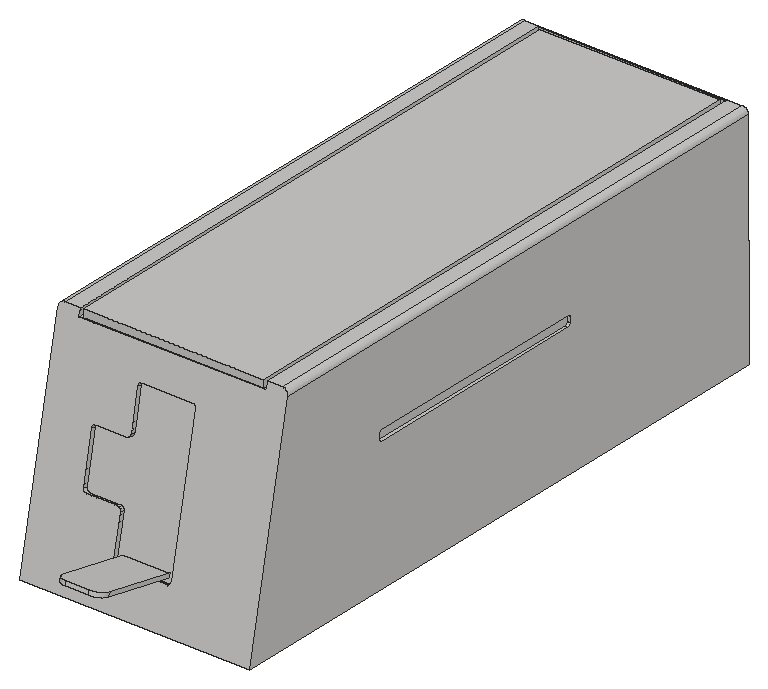
Revit family "PRD_AR_SoapDpnsrs_EXOSSoapDispenser_EXOS616,618,625,X-B-W", category Specialty Equipment, host Face, Revit 2018
Family settings
  Host = Face
  Round Connector Dimension = Use Diameter
  Part Type = Normal
  OmniClass Number = 23.40.20.21.34
  OmniClass Title = Soap Holders, Dispensers
  Cut with Voids When Loaded = No
  Shared = No
  Room Calculation Point = No
Parameters (values of type "EXOS616X")
  WarrantyStartDate [instance] = "1900-12-31T23:59:59"
  WarrantyGuarantorParts = "n/a"
  WarrantyGuarantorLabor = "n/a"
  WarrantyDurationUnit = "year"
  WarrantyDurationParts = "n/a"
  WarrantyDurationLabor = "n/a"
  WarrantyDescription = "n/a"
  Version = "1"
  Uniclass2015Version = "Products v1.10"
  Uniclass2015Title = "Soap dispensers"
  Uniclass2015Code = "Pr_40_70_22_81"
  URL = "www.kwc.com"
  TypeOfSoapContainer = "Single-use bag"
  TypeOfOperation = "Manual operation"
  TypeOfMounting = "Wall mounting"
  TypeOfConsumable = "Foam soap"
  TypeOfBatteries = "n/a"
  TagNumber [instance] = "n/a"
  SustainabilityPerformance = "n/a"
  SurfaceTreatment = "InoxPlus (anti fingerprint)"
  Style = "Soap dispenser"
  SoapDispenserMaterial = PRD_AR_StainlessSteel_SatinFinished
  Size = "120x358x120 mm"
  Shape = "n/a"
  SerialNumber [instance] = "n/a"
  Revision = "n/a"
  ReplacementCost = "n/a"
  PullLeverEXOS618 = no
  PullLeverEXOS616 = yes
  ProductInformation = "https://pim.kwc.com/product/2030022945/attachment/datasheet?locale=en"
  PanelMaterial = PRD_AR_StainlessSteel_SatinFinished
  Operation = "Manual"
  NumberOfBatteries = "n/a"
  NominalWidth = 120.00 mm
  NominalLength = 120.00 mm
  NominalHeight = 358.00 mm
  NominalDepth = 120.00 mm
  NetWeight = 2.92 kg
  Name = "Foam soap dispenser EXOS616X"
  NBSTypeID = "n/a"
  NBSReference = "45-35-72/358"
  NBSOfficeMasterTag = "n/a"
  NBSNote = "n/a"
  NBSDescription = "Soap dispensers"
  NBSCertification = "n/a"
  ModelReference = "EXOS616X"
  ModelNumber = "2030022945"
  Model = ModelReference  # "EXOS616X"
  MaterialCode = "Stainless steel 1.4301"
  Material = "Stainless steel"
  ManufacturerURL = "www.kwc.com"
  ManufacturerName = "KWC Group AG"  # constant formula
  Manufacturer = ManufacturerName  # "KWC Group AG"
  MainColor = "Stainless steel"
  Lock = "key-lock"
  IntegralAccessories = "Incl. mounting materials and 650 ml Franke foam soap"
  InstallationDate [instance] = "1900-12-31T23:59:59"
  IfcExportType = "NOTDEFINED"
  IfcExportAs = "IfcFurnitureType"
  GrossWeight = 3.28 kg
  Grade = "n/a"
  Form = "Wall mounted"
  Finish = "Satin finished"
  FillingQuantity = "650 ml"
  Features = "stainless steel, 1.20 mm, satin finished, wall mounting"
  ExpectedLife = "n/a"
  DurationUnit = "year"
  Description = "Foam soap dispenser for wall mounting, stainless steel with satin finish, front and casing with InoxPlus surface refinement for the reduction of finger marks and better cleaning characteristics (easy to clean), material thickness 1.2 mm, inspection window on side, with stainless steel pull lever, suitable for KWC foam soap, includes mounting materials and 650 ml KWC foam soap."
  Default Elevation = 1050.00 mm
  CreatedOn = "12/2018"  # constant formula
  Constituents = "n/a"
  Color = "Stainless steel"
  CodePerformance = "n/a"
  Category = "Pr_40_70_22_81, Soap dispensers"
  BarCode [instance] = "n/a"
  BIMObjectName = "PRD_AR_SpDpnsrs_EXOSSoapDispenser_EXOS616X"
  Author = "Archispace"  # constant formula
  AssetType = "Fixed"
  AssetIdentifier [instance] = "n/a"
  AccessibilityPerformance = "n/a"
Types (9, lengths in mm): name | TypeOfSoapContainer | TypeOfOperation | TypeOfConsumable | TypeOfBatteries | Size | PullLeverEXOS618 | PullLeverEXOS616 | ProductInformation | PanelMaterial | NumberOfBatteries | NominalHeight | NetWeight | Name | ModelReference | ModelNumber | Model | IntegralAccessories | GrossWeight | FillingQuantity | Description | BIMObjectName
  EXOS618B | "Integrated refillable tank" | "Manual operation" | "Liquid soap" | "n/a" | "120x345x120 mm" | yes | no | "https://pim.kwc.com/product/2030022940/attachment/datasheet?locale=en" | PRD_AR_Glass_Black | "n/a" | 345.00 | 2.41 kg | "Foam soap dispenser EXOS618B" | "EXOS618B" | "2030022940" | "EXOS618B" | "Incl. mounting materials" | 2.77 kg | "800 ml" | "Soap dispenser for wall mounting, stainless steel with satin finish, black safety glass front panel, casing with InoxPlus surface refinement for the reduction of finger marks and better cleaning characteristics (easy to clean), material thickness 1.2 mm, inspection window on side, suitable for liquid soap and lotions, 800 ml refill tank, with stainless steel push lever, easy to refill with soap tank on front panel, includes mounting materials.Dimensions: 120 x 345 x 120 mm (W x H x D)" | "PRD_AR_SpDpnsrs_EXOSSoapDispenser_EXOS618B"
  EXOS618X | "Integrated refillable tank" | "Manual operation" | "Liquid soap" | "n/a" | "120x345x120 mm" | yes | no | "https://pim.kwc.com/product/2030022939/attachment/datasheet?locale=en" | PRD_AR_StainlessSteel_SatinFinished | "n/a" | 345.00 | 2.17 kg | "Foam soap dispenser EXOS618X" | "EXOS618X" | "2030022939" | "EXOS618X" | "Incl. mounting materials" | 2.62 kg | "800 ml" | "Soap dispenser for wall mounting, stainless steel with satin finish, front and casing with InoxPlus surface refinement for the reduction of finger marks and better cleaning characteristics (easy to clean), material thickness 1.2 mm, inspection window on side, suitable for liquid soap and lotions, 800 ml refill tank, with stainless steel push lever, easy to refill with soap tank on front panel, includes mounting materials." | "PRD_AR_SpDpnsrs_EXOSSoapDispenser_EXOS618X"
  EXOS618W | "Integrated refillable tank" | "Manual operation" | "Liquid soap" | "n/a" | "120x345x120 mm" | yes | no | "https://pim.kwc.com/product/2030025230/attachment/datasheet?locale=en" | PRD_AR_Glass_White | "n/a" | 345.00 | 2.34 kg | "Foam soap dispenser EXOS618W" | "EXOS618W" | "2030025230" | "EXOS618W" | "Incl. mounting materials" | 2.78 kg | "800 ml" | "Soap dispenser for wall mounting, stainless steel with satin finish, white safety glass front panel, casing with InoxPlus surface refinement for the reduction of finger marks and better cleaning characteristics (easy to clean), material thickness 1.2 mm, inspection window on side, suitable for liquid soap and lotions, 800 ml refill tank, with stainless steel push lever, easy to refill with soap tank on front panel, includes mounting materials." | "PRD_AR_SpDpnsrs_EXOSSoapDispenser_EXOS618W"
  EXOS616B | "Single-use bag" | "Manual operation" | "Foam soap" | "n/a" | "120x358x120 mm" | no | yes | "https://pim.kwc.com/product/2030022946/attachment/datasheet?locale=en" | PRD_AR_Glass_Black | "n/a" | 358.00 | 3.18 kg | "Foam soap dispenser EXOS616B" | "EXOS616B" | "2030022946" | "EXOS616B" | "Incl. mounting materials and 650 ml Franke foam soap" | 3.54 kg | "650 ml" | "Foam soap dispenser for wall mounting, stainless steel with satin finish, black safety glass front panel, casing with InoxPlus surface refinement for the reduction of finger marks and better cleaning characteristics (easy to clean), material thickness 1.2 mm, inspection window on side, with stainless steel pull lever, suitable for KWC foam soap, includes mounting materials and 650 ml KWC foam soap." | "PRD_AR_SpDpnsrs_EXOSSoapDispenser_EXOS616B"
  EXOS616W | "Single-use bag" | "Manual operation" | "Foam soap" | "n/a" | "120x358x120 mm" | no | yes | "https://pim.kwc.com/product/2030025232/attachment/datasheet?locale=en" | PRD_AR_Glass_White | "n/a" | 358.00 | 3.15 kg | "Foam soap dispenser EXOS616W" | "EXOS616W" | "2030025232" | "EXOS616W" | "Incl. mounting materials and 650 ml Franke foam soap" | 3.52 kg | "650 ml" | "Foam soap dispenser for wall mounting, stainless steel with satin finish, white safety glass front panel, casing with InoxPlus surface refinement for the reduction of finger marks and better cleaning characteristics (easy to clean), material thickness 1.2 mm, inspection window on side, with stainless steel pull lever, suitable for KWC foam soap, includes mounting materials and 650 ml KWC foam soap." | "PRD_AR_SpDpnsrs_EXOSSoapDispenser_EXOS616W"
  EXOS616X | "Single-use bag" | "Manual operation" | "Foam soap" | "n/a" | "120x358x120 mm" | no | yes | "https://pim.kwc.com/product/2030022945/attachment/datasheet?locale=en" | PRD_AR_StainlessSteel_SatinFinished | "n/a" | 358.00 | 2.92 kg | "Foam soap dispenser EXOS616X" | "EXOS616X" | "2030022945" | "EXOS616X" | "Incl. mounting materials and 650 ml Franke foam soap" | 3.28 kg | "650 ml" | "Foam soap dispenser for wall mounting, stainless steel with satin finish, front and casing with InoxPlus surface refinement for the reduction of finger marks and better cleaning characteristics (easy to clean), material thickness 1.2 mm, inspection window on side, with stainless steel pull lever, suitable for KWC foam soap, includes mounting materials and 650 ml KWC foam soap." | "PRD_AR_SpDpnsrs_EXOSSoapDispenser_EXOS616X"
  EXOS625X | "Integrated refillable tank" | "Sensor operation" | "Liquid soap" | "AA Mignon battery 1.5 V" | "120x325x120 mm" | no | no | "https://pim.kwc.com/product/2030022942/attachment/datasheet?locale=en" | PRD_AR_StainlessSteel_SatinFinished | "4" | 325.00 | 2.43 kg | "Foam soap dispenser EXOS625X" | "EXOS625X" | "2030022942" | "EXOS625X" | "Incl. mounting materials" | 2.54 kg | "800 ml" | "Touch free soap dispenser for wall mounting, stainless steel with satin finish, front and casing with InoxPlus surface refinement for the reduction of finger marks and better cleaning characteristics (easy to clean), material thickness 1.2 mm, inspection window on side, infrared sensor activity for non-touch operation, LED display shows battery status, requires 4 pieces 1.5V AA batteries, suitable for liquid soap and lotions, includes 800 ml refill tank, dispenses 0.6 - 1.1 ml depending on soap, includes mounting materials." | "PRD_AR_SpDpnsrs_EXOSSoapDispenser_EXOS625X"
  EXOS625B | "Integrated refillable tank" | "Sensor operation" | "Liquid soap" | "AA Mignon battery 1.5 V" | "120x325x120 mm" | no | no | "https://pim.kwc.com/product/2030022943/attachment/datasheet?locale=en" | PRD_AR_Glass_Black | "4" | 325.00 | 2.75 kg | "Foam soap dispenser EXOS625B" | "EXOS625B" | "2030022943" | "EXOS625B" | "Incl. mounting materials" | 2.84 kg | "800 ml" | "Touch free soap dispenser for wall mounting, stainless steel with satin finish, black safety glass front panel, casing with InoxPlus surface refinement for the reduction of finger marks and better cleaning characteristics (easy to clean), material thickness 1.2 mm, inspection window on side, infrared sensor activity for non-touch operation, LED display shows battery status, requires 4 pieces 1.5V AA batteries, suitable for liquid soap and lotions, includes 800 ml refill tank, dispenses 0.6 - 1.1 ml depending on soap, includes mounting materials." | "PRD_AR_SpDpnsrs_EXOSSoapDispenser_EXOS625B"
  EXOS625W | "Integrated refillable tank" | "Sensor operation" | "Liquid soap" | "AA Mignon battery 1.5 V" | "120x325x120 mm" | no | no | "https://pim.kwc.com/product/2030025231/attachment/datasheet?locale=en" | PRD_AR_Glass_White | "4" | 325.00 | 2.68 kg | "Foam soap dispenser EXOS625W" | "EXOS625W" | "2030025231" | "EXOS625W" | "Incl. mounting materials" | 2.78 kg | "800 ml" | "Touch free soap dispenser for wall mounting, stainless steel with satin finish, white safety glass front panel, casing with InoxPlus surface refinement for the reduction of finger marks and better cleaning characteristics (easy to clean), material thickness 1.2 mm, inspection window on side, infrared sensor activity for non-touch operation, LED display shows battery status, requires 4 pieces 1.5V AA batteries, suitable for liquid soap and lotions, includes 800 ml refill tank, dispenses 0.6 - 1.1 ml depending on soap, includes mounting materials." | "PRD_AR_SpDpnsrs_EXOSSoapDispenser_EXOS625W"
Reference planes
  plane 1 "Center (Front/Back)": y = 0
  plane 2: z = 0
  plane 3 "Center (Left/Right)": x = 0
  plane 4: through (0, 25.508, 120.004) normal (0, -0.9781, 0.2079)
  plane 5: through (0, 15.264, 113.218) normal (0, 0.2079, 0.9781)
  plane 6: through (0, 7.379, 25.096) normal (0, 0.2079, 0.9781)
Forms (mm)
  Extrusion 1, solid, material "PRD_AR_StainlessSteel_SatinFinished" <- "PanelMaterial", detail levels fine
    sketch origin (0, 0, 0) x (0, 1, 0) y (0, 0, 1)
      loop
        line (323.052, 120) -> (25.507, 120) -> (25.507, 116) -> (323.052, 116) -> (323.052, 120)
    from -47 to 47
  Extrusion 2, void
    sketch origin (0, 0, 0) x (0, 1, 0) y (0, 0, 1)
      loop
        arc (84.252, 70.5) -> (84.691, 69.439) -> (85.752, 69) r 1.5
        line (85.752, 69) -> (207.752, 69)
        arc (207.752, 69) -> (208.812, 69.439) -> (209.252, 70.5) r 1.5
        line (209.252, 70.5) -> (209.252, 73.5)
        arc (209.252, 73.5) -> (208.812, 74.561) -> (207.752, 75) r 1.5
        line (207.752, 75) -> (85.752, 75)
        arc (85.752, 75) -> (84.691, 74.561) -> (84.252, 73.5) r 1.5
        line (84.252, 73.5) -> (84.252, 70.5)
    from -58 to -60
  Extrusion 3, void
    sketch origin (0, 0, 0) x (0, 1, 0) y (0, 0, 1)
      loop
        arc (85.752, 75) -> (84.691, 74.561) -> (84.252, 73.5) r 1.5
        line (84.252, 73.5) -> (84.252, 70.5)
        arc (84.252, 70.5) -> (84.691, 69.439) -> (85.752, 69) r 1.5
        line (85.752, 69) -> (207.752, 69)
        arc (207.752, 69) -> (208.812, 69.439) -> (209.252, 70.5) r 1.5
        line (209.252, 70.5) -> (209.252, 73.5)
        arc (209.252, 73.5) -> (208.812, 74.561) -> (207.752, 75) r 1.5
        line (207.752, 75) -> (85.752, 75)
    from 58 to 60
  Revolve 4, solid, material "PRD_AR_StainlessSteel_SatinFinished" <- "SoapDispenserMaterial", detail levels fine
    sketch origin (0, 0, 0) x (0, 1, 0) y (0, 0, 1)
      loop
        arc (329.902, 87.692) -> (329.316, 89.107) -> (327.902, 89.692) r 2
        line (327.902, 89.692) -> (325.252, 89.692) -> (325.252, 79.717) -> (329.902, 79.717) -> (329.902, 87.692)
      axis (325.252, 79.717) -> (329.902, 79.717)
    angle from 0 to 360
  Extrusion 5, solid, material "PRD_AR_StainlessSteel_SatinFinished" <- "SoapDispenserMaterial", detail levels fine
    sketch origin (0, -0.003, 20.596) x (0, 0, -1) y (-1, 0, 0)
      loop
        line (-99.404, 56.6) -> (-99.404, -56.6)
        arc (-99.404, -56.6) -> (-98.408, -59.004) -> (-96.004, -60) r 3.4
        line (-96.004, -60) -> (20.596, -60) -> (20.596, 60) -> (-96.004, 60)
        arc (-96.004, 60) -> (-98.408, 59.004) -> (-99.404, 56.6) r 3.4
    from 0 to 325.255
  Extrusion 6, void
    sketch origin (0, -0.003, 20.596) x (0, 0, -1) y (-1, 0, 0)
      loop
        line (-99.404, -49) -> (-95.404, -49) -> (-95.404, 49) -> (-99.404, 49) -> (-99.404, -49)
    from 0 to 324.055
  Extrusion 7, void
    sketch origin (0, 0, 0) x (0, 1, 0) y (0, 0, 1)
      loop
        line (0, 0) -> (25.507, 120) -> (0, 120) -> (0, 0)
    from -150 to 150
  Extrusion 8, solid, material "PRD_AR_StainlessSteel_SatinFinished" <- "SoapDispenserMaterial", detail levels coarse
    sketch origin (0, 0, 0) x (0, 1, 0) y (0, 0, 1)
      loop
        line (325.252, 0) -> (325.252, 120) -> (0, 120) -> (0, 0) -> (325.252, 0)
    from -60 to 60
  Extrusion 9, solid, material "PRD_AR_StainlessSteel_SatinFinished" <- "SoapDispenserMaterial", detail levels medium
    sketch origin (0, 0, 0) x (0, 1, 0) y (0, 0, 1)
      loop
        line (325.252, 0) -> (325.252, 120) -> (25.507, 120) -> (0, 0) -> (325.252, 0)
    from -60 to 60
  Extrusion 10, solid, material "PRD_AR_StainlessSteel_SatinFinished" <- "SoapDispenserMaterial", visible <- "PullLeverEXOS618", detail levels fine
    sketch origin (0, 0, 0) x (0, 1, 0) y (0, 0, 1)
      loop
        arc (19.268, 107.049) -> (18.543, 110.962) -> (15.264, 113.218) r 5.2
        line (15.264, 113.218) -> (-19.262, 120.567) -> (-19.679, 118.611) -> (14.848, 111.262)
        arc (14.848, 111.262) -> (16.866, 109.874) -> (17.311, 107.465) r 3.2
        line (17.311, 107.465) -> (15.87, 100.697)
        arc (15.87, 100.697) -> (16.654, 96.694) -> (20.084, 94.488) r 5.2
        line (20.084, 94.488) -> (22.04, 94.072) -> (22.457, 96.031) -> (20.5, 96.447)
        arc (20.5, 96.447) -> (18.332, 97.783) -> (17.827, 100.28) r 3.2
        line (17.827, 100.28) -> (19.268, 107.049)
    from -12 to 12
  Extrusion 11, void
    sketch origin (-14, -8.48, -39.896) x (0, 0.207912, 0.978148) y (-1, 0, 0)
      loop
        line (62.293, -1) -> (62.293, -27)
        arc (62.293, -27) -> (62.879, -28.414) -> (64.293, -29) r 2
        line (64.293, -29) -> (140.293, -29)
        arc (140.293, -29) -> (141.708, -28.414) -> (142.293, -27) r 2
        line (142.293, -27) -> (142.293, -1)
        arc (142.293, -1) -> (141.708, 0.414) -> (140.293, 1) r 2
        line (140.293, 1) -> (119.293, 1)
        arc (119.293, 1) -> (117.879, 1.586) -> (117.293, 3) r 2
        line (117.293, 3) -> (117.293, 19)
        arc (117.293, 19) -> (116.708, 20.414) -> (115.293, 21) r 2
        line (115.293, 21) -> (89.293, 21)
        arc (89.293, 21) -> (87.879, 20.414) -> (87.293, 19) r 2
        line (87.293, 19) -> (87.293, 3)
        arc (87.293, 3) -> (86.708, 1.586) -> (85.293, 1) r 2
        line (85.293, 1) -> (64.293, 1)
        arc (64.293, 1) -> (62.879, 0.414) -> (62.293, -1) r 2
    from 0 to -2
  Extrusion 12, solid, material "PRD_AR_StainlessSteel_SatinFinished" <- "SoapDispenserMaterial", visible <- "PullLeverEXOS616", detail levels fine
    sketch origin (0, 25.507, 119.999) x (0, 0.913545, -0.406737) y (0, 0.406737, 0.913545)
      loop
        line (22.455, -96.023) -> (22.04, -94.071) -> (-22.868, -103.631) -> (-22.452, -105.587) -> (22.455, -96.023)
    from -12 to 12
  Extrusion 13, void
    sketch origin (0, 15.264, 113.218) x (0, 0.978148, -0.207912) y (-1, 0, 0)
      loop
        line (-35.301, -12) -> (-29.301, -12)
        arc (-29.301, -12) -> (-33.543, -10.243) -> (-35.301, -6) r 6
        line (-35.301, -6) -> (-35.301, -12)
      loop
        line (-35.301, 12) -> (-35.301, 6)
        arc (-35.301, 6) -> (-33.543, 10.243) -> (-29.301, 12) r 6
        line (-29.301, 12) -> (-35.301, 12)
    from -4.762 to 4.851
  Extrusion 14, void
    sketch origin (0, 7.379, 25.096) x (0, 0.978148, -0.207912) y (-1, 0, 0)
      loop
        line (-45.914, 12) -> (-45.914, 6)
        arc (-45.914, 6) -> (-44.157, 10.243) -> (-39.914, 12) r 6
        line (-39.914, 12) -> (-45.914, 12)
      loop
        line (-45.914, -12) -> (-39.914, -12)
        arc (-39.914, -12) -> (-44.157, -10.243) -> (-45.914, -6) r 6
        line (-45.914, -6) -> (-45.914, -12)
    from -3.402 to 1.476
Cuts and joins
  Extrusion 2, Extrusion 3, Extrusion 6, Extrusion 7, Extrusion 11 cuts Extrusion 5
  Extrusion 13 cuts Extrusion 10
  Extrusion 14 cuts Extrusion 12
Lines and regions (mm)
  Split face 1
    outline origin (0, 325.252, 120) x (0, -1, 0) y (1, 0, 0)
      loop
        line (2.2, -47) -> (299.745, -47) -> (299.745, 47) -> (2.2, 47) -> (2.2, -47)
Dimensions and locks
  aligned and locked: plane 2 to host face
  aligned and locked: level to host face
